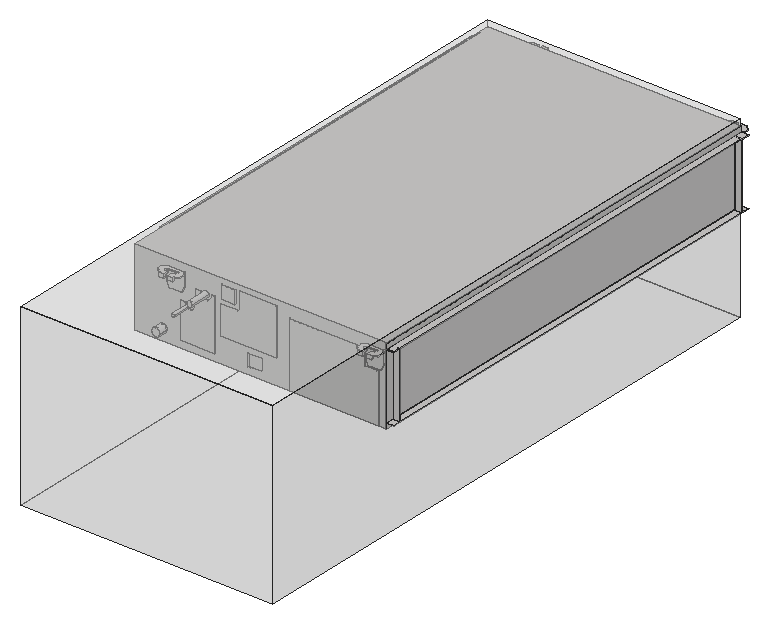
Revit family "outputfile", category 機械設備, Revit 2024
Family settings
  丸型コネクタ寸法 = 半径を使用
  パーツ タイプ = 標準
  OmniClass 番号 = 23.75.10.24.21.27.27
  OmniClass タイトル = Split System Air Conditioning Units
  作業面ベース = いいえ
  常に垂直 = はい
  ロード時にボイドで切り取り = いいえ
  注釈の向きを維持 = いいえ
  共有 = いいえ
  部屋計算ポイント = はい
Parameters (values of type "FBFC36EV2S")
  製造元 = "Daikin"
  書き出し IFC クラス(タイプ) = "IfcUnitaryEquipmentType"
  定義済み IFC タイプ(タイプ) = "AIRCONDITIONINGUNIT"
  モデル = "FBFC36EV2S"
  switch_frequency = yes
  r_Liquid Pipe Size = Liquid Pipe Size / 2  # 4.75 mm
  r_Gas Pipe Size = Gas Pipe Size / 2  # 7.95 mm
  r_Drain Pipe Size = Drain Pipe Size / 2  # 12.5 mm
  lw_power = 770.0 mm  # constant formula
  lh_SA = 138.0 mm  # constant formula
  lw_SA = if(Width = 550.0 mm, 225.0 mm, if(Width = 700.0 mm, 300.0 mm, if(Width = 1000.0 mm, 450.0 mm, if(Width = 1400.0 mm, 650.0 mm, 725.0 mm))))  # 650.0 mm
  lw_RA = if(Width = 550.0 mm, 275.0 mm, if(Width = 700.0 mm, 349.0 mm, if(Width = 1000.0 mm, 499.0 mm, if(Width = 1400.0 mm, 699.0 mm, 775.0 mm))))  # 699.0 mm
  lh_power = 60.0 mm + [h***]  # 60.0 mm
  lh_mountinghole1 = lh_mountinghole + [h***]  # 222.0 mm
  lh_RA = 123.0 mm  # constant formula
  ld_power = Width / 2  # 700.0 mm
  connector_voltage = Voltage_50Hz  # 220 V
  connector_powerinput = [Power Input (Cooling)]  # 3.420 kW
  connector_phase = Phase_50Hz  # 1
  Width = 1400.0 mm
  Voltage_comment_50Hz = "220"
  Voltage_50Hz = 220 V
  Supply Air Direction [instance] = yes
  Phase_50Hz = 1
  Minimum External Static Pressure = 50.00 Pa
  Maximum External Static Pressure = 150.00 Pa
  Material_Casing = DAIKIN_GalvanizedSteel_Casing_indoorunit
  lw_mountinghole = 630.0 mm  # constant formula
  lh_gaspipe = 183.0 mm + [h***]  # 183.0 mm
  lh_mountinghole = 222.0 mm  # constant formula
  lh_liquidpipe = 136.0 mm + [h***]  # 136.0 mm
  lh_drainpipe = 38.0 mm + [h***]  # 38.0 mm
  lh_antena = Height - lh_mountinghole + 1.0 mm  # 24.0 mm
  ld_drainpipe = Width / 2 + 26.0 mm  # 726.0 mm
  ld_liquidpipe = Width / 2 + 69.0 mm  # 769.0 mm
  ld_gaspipe = Width / 2 + 65.0 mm  # 765.0 mm
  ld_mountinghole = Width + 38.0 mm  # 1438.0 mm
  h*** = 0.0 mm  # constant formula
  lw_liquidpipe = 179.0 mm  # constant formula
  lw_gaspipe = 229.0 mm  # constant formula
  lw_drainpipe = 91.0 mm  # constant formula
  Version = "ver.1.0"
  Unit Type = "Duct"
  Unit Mass Weight = 46.00 kg
  Unit Designation [instance] = ""
  Uniclass2015Version = "Products v1.30"
  Uniclass2015Title = "Split coil room air conditioning units"
  Uniclass2015Code = "Pr_70_65_03_86"
  Total Cooling Capacity [instance] = 0.000 kW
  Sound Pressure Level_M speed (dBA) = 37.5
  Sound Pressure Level_L speed (dBA) = 35
  Sound Pressure Level_H speed (dBA) = 40
  Series = "SkyAir_Fan Coil Unit"
  Sensible Cooling Capacity [instance] = 0.000 kW
  SA Duct Size Width = 1192.0 mm
  SA Duct Size Height = 176.0 mm
  Refrigerant Type = "R32"
  RA Duct Size Width = 1352.0 mm
  RA Duct Size Height = 208.0 mm
  Power Input (Cooling) = 3.420 kW
  Option Accessory 3 [instance] = ""
  Option Accessory 2 [instance] = ""
  Option Accessory 1 [instance] = ""
  Nominal Cooling Capacity = 10.600 kW
  Minimum Airflow = 1500.00 m³/h
  Median Airflow = 1830.00 m³/h
  Maximum Airflow = 2160.00 m³/h
  Load Classification = HVAC
  Liquid Pipe Size = 9.5 mm
  Link_Nested Family [instance] = ""
  IfcVersion = ""
  IfcExportType = "AIRCONDITIONINGUNIT"
  IfcExportAs = "IfcUnitaryEquipmentType"
  Height = 245.0 mm
  Heat Exchanger Type = "Cross Fin Coil"
  Gas Pipe Size = 15.9 mm
  Frequency_50Hz = 50 Hz
  Fan Type = "Sirocco Fan"
  Fan Drive = "Direct Drive"
  FCU Tag No. [instance] = ""
  Drain Pipe Size = 25.0 mm
  Design Supply Airflow [instance] = 0.00 m³/h
  Design Return Airflow [instance] = 0.00 m³/h
  Design External Static Pressure [instance] = 0.00 Pa
  既定の高さ = 0.0 mm
  Depth = 800.0 mm
  Cooling Entering Wet Bulb Temperature [instance] = 0.00 °C
  Cooling Entering Dry Bulb Temperature [instance] = 0.00 °C
  Cooling Ambient Wet Bulb Temperature [instance] = 0.00 °C
  Cooling Ambient Dry Bulb Temperature [instance] = 0.00 °C
  Clearance visibility [instance] = yes
  Clearance Top = 20.0 mm
  Clearance Right = 0.0 mm
  Clearance Rear = 0.0 mm
  Clearance Left = 0.0 mm
  Clearance Front = 450.0 mm
  Clearance Bottom = 300.0 mm
Reference planes
  plane 1 "Center (Front/Back)": y = 0
  plane 2 "h": z = 0
  plane 3 "Center (Left/Right)": x = 0
  plane 4 "Back": y = 700
  plane 5 "Front": y = -700
  plane 6 "Left": x = -400
  plane 7 "Right": x = 400
  plane 8 "Top": z = 0
  plane 9 "Bottom": z = -245
  plane 10: y = -215
  plane 11: y = 700
  plane 12: y = -1150
  plane 13: x = -400
  plane 14: x = 400
  plane 15: z = 20
  plane 16: z = -545
  plane 17: x = -400
  plane 18: x = -399
  plane 19: x = 399
  plane 20: y = 50
  plane 21: y = -1
  plane 22: z = -122
  plane 23: y = -701
  plane 24: z = -109
  plane 25: x = -221
  plane 26: y = -765
  plane 27: z = -62
  plane 28: x = -171
  plane 29: y = -726
  plane 30: z = -207
  plane 31: x = -309
  plane 32: x = -309
  plane 33: x = -221
  plane 34: x = -171
  plane 35: x = 370
  plane 36: x = -266
  plane 37: x = 364
  plane 38: y = -719
  plane 39: y = 719
  plane 40: z = -23
  plane 41: z = -107
  plane 42: y = -769
  plane 43: z = -207
  plane 44: x = -309
  plane 45: y = -726
  plane 46: x = -251
  plane 47: x = -203
  plane 48: x = -144
  plane 49: z = -59
  plane 50: z = -106
  plane 51: z = -221
  plane 52: z = -109
  plane 53: x = -221
  plane 54: z = -62
  plane 55: x = -171
  plane 56: z = -17
  plane 57: z = -59
  plane 58: x = -121
  plane 59: x = -79
  plane 60: x = -125
  plane 61: x = -64
  plane 62: x = 53
  plane 63: z = -164
  plane 64: z = -73
  plane 65: z = -16
  plane 66: x = 93.5
  plane 67: x = 374.5
  plane 68: x = 330
  plane 69: z = -88.5
  plane 70: z = -38
  plane 71: z = -242.5
  plane 72: x = -38.5
  plane 73: x = 6.5
  plane 74: z = -181
  plane 75: z = -221
  plane 76: y = -699
  plane 77: x = -424
  plane 78: x = 424
Forms (mm)
  Extrusion 1, solid, material "DAIKIN_GalvanizedSteel_Casing_indoorunit" <- "Material_Casing"
    sketch origin (0, 0, 0) x (1, 0, 0) y (0, 1, 0)
      loop
        line (-399, 700) -> (-399, -700) -> (399, -700) -> (399, 700) -> (-399, 700)
    from -245 to 0
  Extrusion 2, solid, material "DAIKIN_GalvanizedSteel_Casing_indoorunit" <- "Material_Casing"
    sketch origin (0, 0, 0) x (1, 0, 0) y (0, 0, 1)
      loop
        line (-251, -221) -> (-144, -221) -> (-144, -59) -> (-154.47, -59)
        arc (-154.47, -59) -> (-171, -78.8) -> (-187.53, -59) r 16.8
        line (-187.53, -59) -> (-203, -59) -> (-203, -106) -> (-206.916, -106)
        arc (-206.916, -106) -> (-221, -123.4) -> (-235.084, -106) r 14.4
        line (-235.084, -106) -> (-251, -106) -> (-251, -221)
    from 700 to 701
  Extrusion 3, solid, material "DAIKIN_GalvanizedSteel_Casing_indoorunit" <- "Material_Casing"
    sketch origin (0, 0, 0) x (1, 0, 0) y (0, 0, 1)
      loop
        line (-121, -17) -> (-121, -59) -> (-79, -59) -> (-79, -17) -> (-121, -17)
      loop
        line (-125, -73) -> (-125, -164) -> (53, -164) -> (53, -16) -> (-64, -16) -> (-64, -73) -> (-125, -73)
    from 700 to 701
  Extrusion 4, solid, material "DAIKIN_GalvanizedSteel_Casing_indoorunit" <- "Material_Casing"
    sketch origin (0, 0, 0) x (1, 0, 0) y (0, 0, 1)
      loop
        line (93.5, -38) -> (93.5, -242.5) -> (374.5, -242.5) -> (374.5, -88.5) -> (330, -88.5) -> (330, -38) -> (93.5, -38)
    from 700 to 701
  Extrusion 5, solid, material "DAIKIN_GalvanizedSteel_Casing_indoorunit" <- "Material_Casing"
    sketch origin (0, 0, 0) x (1, 0, 0) y (0, 0, 1)
      loop
        circle (-221, -109) r 4.75
    from 700 to 769
  Extrusion 6, solid, material "DAIKIN_GalvanizedSteel_Casing_indoorunit" <- "Material_Casing"
    sketch origin (0, 0, 0) x (1, 0, 0) y (0, 0, 1)
      loop
        circle (-171, -62) r 7.95
    from 700 to 765
  Extrusion 7, solid, material "DAIKIN_GalvanizedSteel_Casing_indoorunit" <- "Material_Casing"
    sketch origin (0, 0, 0) x (1, 0, 0) y (0, 0, 1)
      loop
        circle (-309, -207) r 12.5
    from 701 to 726
  Extrusion 8, solid, material "DAIKIN_GalvanizedSteel_Casing_indoorunit" <- "Material_Casing"
    sketch origin (0, 0, 0) x (1, 0, 0) y (0, 0, 1)
      loop
        circle (-309, -207) r 13
    from 700 to 726
  Extrusion 9, void
    sketch origin (0, 0, 0) x (1, 0, 0) y (0, 0, 1)
      loop
        line (-38.5, -181) -> (-38.5, -221) -> (6.5, -221) -> (6.5, -181) -> (-38.5, -181)
    from 699 to 700
Cuts and joins
  Extrusion 9 cuts Extrusion 1
Dimensions and locks
  "Height": plane 8 "Top" to plane 9 "Bottom"
  equal spacing: plane 4 "Back", plane 1 "Center (Front/Back)", plane 5 "Front"
  "Width": plane 4 "Back" to plane 5 "Front"
  equal spacing: plane 6 "Left", plane 3 "Center (Left/Right)", plane 7 "Right"
  "Depth": plane 6 "Left" to plane 7 "Right"
  "Clearance Left": plane 13 to plane 6 "Left"
  "Clearance Right": plane 7 "Right" to plane 14
  "Clearance Rear": plane 11 to plane 4 "Back"
  "Clearance Front": plane 5 "Front" to plane 12
  "Clearance Top": plane 15 to plane 8 "Top"
  "Clearance Bottom": plane 9 "Bottom" to plane 16
  locked: plane 17 to plane 18 at 1
  locked: plane 19 to plane 14 at 1
  "lw_RA": plane 21 to plane 5 "Front"
  "lh_RA": plane 22 to plane 9 "Bottom"
  locked: plane 5 "Front" to plane 23 at 1
  "lw_liquidpipe": plane 25 to plane 6 "Left"
  "lh_liquidpipe": plane 24 to plane 9 "Bottom"
  "lh_gaspipe": plane 27 to plane 9 "Bottom"
  "lw_gaspipe": plane 28 to plane 6 "Left"
  "ld_gaspipe": plane 26 to plane 1 "Center (Front/Back)"
  "ld_drainpipe": plane 29 to plane 1 "Center (Front/Back)"
  "lh_drainpipe": plane 30 to plane 9 "Bottom"
  "lw_drainpipe": plane 31 to plane 6 "Left"
  "lw_drainpipe": plane 6 "Left" to plane 32
  "lw_liquidpipe": plane 6 "Left" to plane 33
  "lw_gaspipe": plane 6 "Left" to plane 34
  "lw_power": plane 6 "Left" to plane 35
  locked: plane 17 to plane 36 at 134
  "lw_mountinghole": plane 36 to plane 37
  equal spacing: plane 38, plane 1 "Center (Front/Back)", plane 39
  "ld_mountinghole": plane 39 to plane 38
  "lh_mountinghole": plane 40 to plane 9 "Bottom"
  "lh_SA": plane 41 to plane 9 "Bottom"
  locked: plane 44 to plane 6 "Left" at 91
  locked: plane 43 to plane 9 "Bottom" at 38
  locked: plane 5 "Front" to plane 45 at 26
  plane 48 to plane 47 to plane 46 to plane 6 "Left" = 59.0 mm, 48.0 mm, 149.0 mm
  plane 8 "Top" to plane 49 to plane 50 to plane 51 = 59.0 mm locked, 47.0 mm locked, 115.0 mm locked
  plane 55 to plane 53 to plane 6 "Left" = 50.0 mm locked, 179.0 mm locked
  plane 54 to plane 52 to plane 9 "Bottom" = 47.0 mm locked, 136.0 mm locked
  plane 59 to plane 58 to plane 6 "Left" = 42.0 mm locked, 279.0 mm locked
  plane 8 "Top" to plane 56 to plane 57 = 17.0 mm locked, 42.0 mm locked
  plane 62 to plane 61 to plane 60 to plane 6 "Left" = 117.0 mm, 61.0 mm, 275.0 mm
  plane 8 "Top" to plane 65 to plane 64 = 16.0 mm locked, 57.0 mm locked
  locked: plane 65 to plane 63 at 148
  plane 8 "Top" to plane 70 to plane 69 to plane 71 = 38.0 mm locked, 50.5 mm locked, 154.0 mm locked
  plane 67 to plane 68 to plane 66 to plane 6 "Left" = 44.5 mm locked, 236.5 mm locked, 493.5 mm locked
  plane 8 "Top" to plane 74 to plane 75 = 181.0 mm locked, 40.0 mm locked
  plane 73 to plane 72 to plane 6 "Left" = 45.0 mm, 361.5 mm
  locked: plane 76 to plane 5 "Front" at 1
  locked: plane 77 to plane 17 at 24
  locked: plane 14 to plane 78 at 24
  "ld_liquidpipe": plane 42 to plane 1 "Center (Front/Back)"
  "lw_SA": plane 4 "Back" to plane 20
  "r_Liquid Pipe Size": radius of Extrusion 5 sketch curve
  "r_Gas Pipe Size": radius of Extrusion 6 sketch curve
  "r_Drain Pipe Size": radius of Extrusion 7 sketch curve
  aligned and locked: level to plane 2 "h"
  aligned and locked: plane 8 "Top" to Extrusion 1
  aligned and locked: Extrusion 1 to plane 9 "Bottom"
  aligned and locked: nested 5 to plane 12
  aligned and locked: plane 13 to nested 5
  aligned and locked: plane 14 to nested 5
  aligned and locked: nested 5 to plane 13
  aligned and locked: plane 11 to nested 5
  aligned and locked: plane 15 to nested 5
  aligned and locked: plane 16 to nested 5
  aligned and locked: plane 5 "Front" to Extrusion 1 sketch curve
  aligned and locked: Extrusion 1 to plane 18
  aligned and locked: plane 19 to Extrusion 1
  aligned and locked: nested 7 to plane 18
  aligned and locked: nested 7 to plane 20
  aligned and locked: plane 19 to nested 8
  aligned and locked: plane 21 to nested 8
  aligned and locked: plane 22 to nested 8
  aligned and locked: Extrusion 2 to plane 23
  aligned and locked: plane 5 "Front" to Extrusion 2
  aligned and locked: Extrusion 3 to plane 23
  aligned and locked: plane 5 "Front" to Extrusion 3
  aligned and locked: plane 5 "Front" to Extrusion 4
  aligned and locked: Extrusion 5 sketch curve to plane 25
  aligned and locked: plane 24 to Extrusion 5 sketch curve
  aligned and locked: plane 5 "Front" to Extrusion 5
  aligned and locked: Extrusion 6 sketch curve to plane 28
  aligned and locked: plane 27 to Extrusion 6 sketch curve
  aligned and locked: plane 5 "Front" to Extrusion 6
  aligned and locked: Extrusion 7 sketch curve to plane 31
  aligned and locked: plane 30 to Extrusion 7 sketch curve
  aligned and locked: Extrusion 7 to plane 29
  aligned and locked: plane 23 to Extrusion 7
  aligned and locked: nested 3 to plane 29
  aligned and locked: nested 3 to plane 32
  aligned and locked: nested 2 to plane 33
  aligned and locked: nested 1 to plane 34
  aligned and locked: Extrusion 6 to plane 26
  aligned and locked: nested 1 to plane 26
  aligned and locked: nested 6 to plane 5 "Front"
  aligned and locked: nested 6 to plane 35
  aligned and locked: plane 36 to nested 10
  aligned and locked: nested 10 to plane 5 "Front"
  aligned and locked: plane 37 to nested 9
  aligned and locked: nested 9 to plane 5 "Front"
  aligned and locked: nested 11 to plane 36
  aligned and locked: plane 4 "Back" to nested 11
  aligned and locked: nested 12 to plane 37
  aligned and locked: plane 4 "Back" to nested 12
  aligned and locked: plane 40 to nested 10
  aligned and locked: plane 40 to nested 11
  aligned and locked: plane 40 to nested 9
  aligned and locked: plane 40 to nested 12
  aligned and locked: plane 36 to nested 14
  aligned and locked: nested 14 to plane 39
  aligned and locked: plane 37 to nested 13
  aligned and locked: nested 13 to plane 39
  aligned and locked: plane 37 to nested 16
  aligned and locked: plane 38 to nested 16
  aligned and locked: plane 38 to nested 15
  aligned and locked: plane 36 to nested 15
  aligned and locked: plane 17 to plane 6 "Left"
  aligned and locked: plane 41 to nested 7
  aligned and locked: Extrusion 5 to plane 42
  aligned and locked: nested 2 to plane 42
  aligned and locked: Extrusion 8 sketch curve to plane 44
  aligned and locked: plane 43 to Extrusion 8 sketch curve
  aligned and locked: plane 5 "Front" to Extrusion 8
  aligned and locked: plane 45 to Extrusion 8
  aligned and locked: Extrusion 3 sketch curve to plane 56
  aligned and locked: Extrusion 3 sketch curve to plane 58
  aligned and locked: plane 57 to Extrusion 3 sketch curve
  aligned and locked: plane 59 to Extrusion 3 sketch curve
  aligned and locked: Extrusion 4 to plane 23
  aligned and locked: Extrusion 9 sketch curve to plane 74
  aligned and locked: plane 75 to Extrusion 9 sketch curve
  aligned and locked: plane 73 to Extrusion 9 sketch curve
  aligned and locked: plane 5 "Front" to Extrusion 9
  aligned and locked: plane 76 to Extrusion 9
  aligned and locked: nested 17 to plane 20
  aligned and locked: nested 17 to plane 77
  aligned and locked: plane 21 to nested 18
  aligned and locked: plane 78 to nested 18
  aligned and locked: plane 41 to nested 17
  aligned and locked: nested 18 to plane 22
  aligned and locked: nested 4 to plane 3 "Center (Left/Right)"
  aligned and locked: plane 1 "Center (Front/Back)" to nested 4
  aligned and locked: level to plane 8 "Top"
Automatic sketch dimensions
  plane 6 "Left" to Extrusion 1 sketch curve = 1.0 mm
  Extrusion 1 sketch curve to plane 7 "Right" = 1.0 mm
  Extrusion 1 sketch curve to plane 4 "Back" = 0.0 mm
  Extrusion 2 sketch curve to plane 46 = 0.0 mm
  Extrusion 2 sketch curve to plane 33 = 0.0 mm
  Extrusion 2 sketch curve to plane 47 = 0.0 mm
  Extrusion 2 sketch curve to plane 34 = 0.0 mm
  Extrusion 2 sketch curve to plane 48 = 0.0 mm
  Extrusion 2 sketch curve to plane 51 = 0.0 mm
  Extrusion 2 sketch curve to plane 52 = 0.0 mm
  Extrusion 2 sketch curve to plane 50 = 0.0 mm  (x3)
  Extrusion 2 sketch curve to plane 54 = 0.0 mm
  Extrusion 2 sketch curve to plane 49 = 0.0 mm  (x3)
  plane 33 to Extrusion 2 sketch curve = 14.084 mm
  plane 34 to Extrusion 2 sketch curve = 16.53 mm
  Extrusion 3 sketch curve to plane 60 = 0.0 mm
  Extrusion 3 sketch curve to plane 61 = 0.0 mm
  Extrusion 3 sketch curve to plane 62 = 0.0 mm
  Extrusion 3 sketch curve to plane 63 = 0.0 mm
  Extrusion 3 sketch curve to plane 64 = 0.0 mm
  Extrusion 3 sketch curve to plane 65 = 0.0 mm
  Extrusion 4 sketch curve to plane 66 = 0.0 mm
  Extrusion 4 sketch curve to plane 68 = 0.0 mm
  Extrusion 4 sketch curve to plane 67 = 0.0 mm
  Extrusion 4 sketch curve to plane 71 = 0.0 mm
  Extrusion 4 sketch curve to plane 69 = 0.0 mm
  Extrusion 4 sketch curve to plane 70 = 0.0 mm
  Extrusion 9 sketch curve to plane 72 = 0.0 mm
  radius of Extrusion 8 sketch curve = 13.0 mm
Nested families
  nested 1: "daikin_connector_rotate2" at (-171, 0, -62), length <- "ld_gaspipe", built-in parameter 1001364 <- "lh_gaspipe", radius <- "r_Gas Pipe Size", type "daikin_connector_rotate2"
    with radius 7.95 mm, length 765.0 mm, angle_vertical 90.00°
  nested 2: "daikin_connector_rotate2" at (-221, 0, -109), length <- "ld_liquidpipe", built-in parameter 1001364 <- "lh_liquidpipe", radius <- "r_Liquid Pipe Size", type "daikin_connector_rotate2"
    with radius 4.75 mm, length 769.0 mm, angle_vertical 90.00°
  nested 3: "daikin_connector_rotate2" at (-309, 0, -207), length <- "ld_drainpipe", built-in parameter 1001364 <- "lh_drainpipe", radius <- "r_Drain Pipe Size", type "daikin_connector_rotate2"
    with radius 12.5 mm, length 726.0 mm, angle_vertical 90.00°
  nested 4: "daikin_△_symbolicline" at (0, 0, 245) x (0, -1, 0) z (0, 0, 1), built-in parameter 1001364 <- "Height", visible <- "Supply Air Direction", type "daikin_△_symbolicline"
    with length 200.0 mm
  nested 5: "daikin_clearancespace" at (0, -225, -262.381), visible <- "Clearance visibility", show <- "Clearance visibility", Link_Nested Family <- "Link_Nested Family", type "daikin_clearancespace"
    with width 800.0 mm, show yes, height 565.0 mm, depth 1850.0 mm, Link_Nested Family ""
  nested 6: "daikin_connector_rotate2" at (370, 0, -185), built-in parameter 1001364 <- "lh_power", length <- "ld_power", type "daikin_connector_rotate2"
    with radius 10.0 mm, length 700.0 mm, angle_vertical 90.00°
  nested 7: "daikin_ductflange_FBFC-EV2S2" at (-399, 50, -107) x (0, -1, 0) z (0, 0, 1), type "daikin_ductflange_FBFC-EV2S2"
  nested 8: "daikin_ductflange_FBFC-EV2S" at (399, -1, -122) x (0, 1, 0) z (0, 0, 1), type "daikin_ductflange_FBFC-EV2S"
    with width 1352.0 mm, lw 25.0 mm, w 1400.0 mm
  nested 9: "daikin_hangerfixture_FBFC-EV2S" at (364, -700, -23), type "daikin_hangerfixture_FBFC-EV2S"
  nested 10: "daikin_hangerfixture_FBFC-EV2S" at (-266, -700, -23), type "daikin_hangerfixture_FBFC-EV2S"
  nested 11: "daikin_hangerfixture_FBFC-EV2S" at (-266, 700, -23) x (-1, 0, 0) z (0, 0, 1), type "daikin_hangerfixture_FBFC-EV2S"
  nested 12: "daikin_hangerfixture_FBFC-EV2S" at (364, 700, -23) x (-1, 0, 0) z (0, 0, 1), type "daikin_hangerfixture_FBFC-EV2S"
  nested 13: "daikin_mountinghole" at (364, 719, -245), h_mountinghole <- "lh_mountinghole1", l_antenna <- "lh_antena", Link_Nested Family <- "Link_Nested Family", type "daikin_mountinghole"
    with show yes, l_antenna 24.0 mm, h_mountinghole 222.0 mm, Link_Nested Family ""
  nested 14: "daikin_mountinghole" at (-266, 719, -245), h_mountinghole <- "lh_mountinghole1", l_antenna <- "lh_antena", Link_Nested Family <- "Link_Nested Family", type "daikin_mountinghole"
    with show yes, l_antenna 24.0 mm, h_mountinghole 222.0 mm, Link_Nested Family ""
  nested 15: "daikin_mountinghole" at (-266, -719, -245), h_mountinghole <- "lh_mountinghole1", l_antenna <- "lh_antena", Link_Nested Family <- "Link_Nested Family", type "daikin_mountinghole"
    with show yes, l_antenna 24.0 mm, h_mountinghole 222.0 mm, Link_Nested Family ""
  nested 16: "daikin_mountinghole" at (364, -719, -245), h_mountinghole <- "lh_mountinghole1", l_antenna <- "lh_antena", Link_Nested Family <- "Link_Nested Family", type "daikin_mountinghole"
    with show yes, l_antenna 24.0 mm, h_mountinghole 222.0 mm, Link_Nested Family ""
  nested 17: "daikin_connector_rotate2" at (-400, 50, -107) x (0, -1, 0) z (0, 0, 1), type "daikin_connector_rotate2"
    with radius 10.0 mm, length 24.0 mm, angle_vertical 90.00°
  nested 18: "daikin_connector_rotate2" at (400, -1, -122) x (0, 1, 0) z (0, 0, 1), type "daikin_connector_rotate2"
    with radius 10.0 mm, length 24.0 mm, angle_vertical 90.00°
Connectors
  piping at (-309, -726, -207), diameter 25, driven by "r_Drain Pipe Size"
    settings: on nested 3, index 3, connector inside diameter 609.6 mm, connector length 0.0 mm, flow factor 0, pipe flow 0.00 m³/h, pressure drop 0.0 Pa, fitting loss kfactor 0, connector angle 0.00°, fixture units 0, engagement length 0.0 mm, angle of deflection 0.00°, flow configuration 1, flow direction 2, fitting loss method 4, system type 16, joint type 0, gender type 0, connector reference index -1, connector utility 0, adjustable connector no, is connector primary yes, connector description "Condensate Drain Piping"
  piping at (-171, -765, -62), diameter 15.9, driven by "r_Gas Pipe Size"
    settings: on nested 1, index 4, connector inside diameter 609.6 mm, connector length 0.0 mm, flow factor 0, pipe flow 0.00 m³/h, pressure drop 0.0 Pa, fitting loss kfactor 0, connector angle 0.00°, fixture units 0, engagement length 0.0 mm, angle of deflection 0.00°, flow configuration 1, flow direction 2, fitting loss method 0, system type 29, joint type 0, gender type 0, connector reference index -1, connector utility 0, adjustable connector no, is connector primary no, connector description "Refrigerant Gas Piping"
  piping at (-221, -769, -109), diameter 9.5, driven by "r_Liquid Pipe Size"
    settings: on nested 2, index 5, connector inside diameter 609.6 mm, connector length 0.0 mm, flow factor 0, pipe flow 0.00 m³/h, pressure drop 0.0 Pa, fitting loss kfactor 0, connector angle 0.00°, fixture units 0, engagement length 0.0 mm, angle of deflection 0.00°, flow configuration 1, flow direction 1, fitting loss method 0, system type 29, joint type 0, gender type 0, connector reference index -1, connector utility 0, adjustable connector no, is connector primary no, connector description "Refrigerant Liquid Piping"
  electrical at (370, -700, -185), driven by "Load Classification", driven by "connector_powerinput", driven by "connector_voltage", driven by "connector_phase"
    settings: on nested 6, index 6, voltage 220 V, apparent load 3420 VA, apparent load phase1 0 VA, apparent load phase2 0 VA, apparent load phase3 0 VA, power factor 1, load classification "HVAC", number of poles 1, system type 30, power factor state 1, is connector primary yes, connector utility no, sub classification motor no, connector description "Power Supply"
  hvac at (-424, 50, -107), driven by "SA Duct Size Height", driven by "SA Duct Size Width"
    settings: on nested 17, index 7, duct flow 0.00 m³/h, flow factor 0, pres drop 0.00 Pa, loss coef 0, conn angle 0.00°, conn width 1192.0 mm, conn height 176.0 mm, conn diameter 609.6 mm, duct sys type 1, conn prof type 1, flow config 0, flow direction 2, loss method 4, conn ref index -1, conn util no, is conn primary yes, conn desc "SA Duct"
  hvac at (424, -1, -122), driven by "RA Duct Size Height", driven by "RA Duct Size Width"
    settings: on nested 18, index 8, duct flow 0.00 m³/h, flow factor 0, pres drop 0.00 Pa, loss coef 0, conn angle 0.00°, conn width 1352.0 mm, conn height 208.0 mm, conn diameter 609.6 mm, duct sys type 2, conn prof type 1, flow config 0, flow direction 1, loss method 4, conn ref index -1, conn util no, is conn primary no, conn desc "RA Duct"
Definition of nested family "daikin_clearancespace"
  Parameters (values of type "daikin_clearancespace")
    Description = "daikin_clearancespace"
    width [instance] = 1823.963 mm
    show [instance] = yes
    material = none
    height [instance] = 1359.762 mm
    depth [instance] = 880.0 mm
    Default Elevation = 0.0 mm
    Link_Nested Family [instance] = ""
  Reference planes
    plane 1 "Center (Front/Back)": y = 0
    plane 2 "Center (Elevation)": z = -0.119
    plane 3 "Center (Left/Right)": x = 0
    plane 4: y = 440
    plane 5: y = -440
    plane 6 "Right": x = 911.982
    plane 7 "Left": x = -911.982
    plane 8 "Top": z = 679.762
    plane 9 "Bottom": z = -680
  Forms (mm)
    Extrusion 1, solid, material <- "material", visible <- "show"
      sketch origin (0, 0, 0) x (1, 0, 0) y (0, 1, 0)
        loop
          line (-911.982, 440) -> (-911.982, -440) -> (911.982, -440) -> (911.982, 440) -> (-911.982, 440)
      from -680 to 679.762
  Lines and regions (mm)
    symbolic lines, visible <- "show"
      curve 1: line (911.982, 440, 0) -> (-911.982, 440, 0)
      curve 2: line (-911.982, 440, 0) -> (-911.982, -440, 0)
      curve 3: line (-911.982, -440, 0) -> (911.982, -440, 0)
      curve 4: line (911.982, -440, 0) -> (911.982, 440, 0)
      curve 5: line (911.982, 0, 679.762) -> (-911.982, 0, 679.762)
      curve 6: line (911.982, 0, -680) -> (911.982, 0, 679.762)
      curve 7: line (-911.982, 0, -680) -> (911.982, 0, -680)
      curve 8: line (-911.982, 0, 679.762) -> (-911.982, 0, -680)
      curve 9: line (0, 440, 679.762) -> (0, -440, 679.762)
      curve 10: line (0, -440, 679.762) -> (0, -440, -680)
      curve 11: line (0, 440, -680) -> (0, 440, 679.762)
      curve 12: line (0, -440, -680) -> (0, 440, -680)
  Dimensions and locks
    "width": plane 7 "Left" to plane 6 "Right"
    "depth": plane 4 to plane 5
    "height": plane 8 "Top" to plane 9 "Bottom"
    equal spacing: plane 7 "Left", plane 3 "Center (Left/Right)", plane 6 "Right"
    equal spacing: plane 4, plane 1 "Center (Front/Back)", plane 5
    equal spacing: plane 8 "Top", plane 2 "Center (Elevation)", plane 9 "Bottom"
    aligned and locked: level to plane 2 "Center (Elevation)"
    aligned and locked: Extrusion 1 sketch curve to plane 4
    aligned and locked: plane 7 "Left" to Extrusion 1 sketch curve
    aligned and locked: Extrusion 1 sketch curve to plane 5
    aligned and locked: Extrusion 1 sketch curve to plane 6 "Right"
    aligned and locked: plane 8 "Top" to Extrusion 1
    aligned and locked: curve 1 to Extrusion 1
    aligned and locked: curve 2 to Extrusion 1
    aligned and locked: curve 3 to Extrusion 1
    aligned and locked: curve 4 to Extrusion 1
    aligned and locked: curve 5 to Extrusion 1
    aligned and locked: curve 6 to Extrusion 1
    aligned and locked: curve 7 to Extrusion 1
    aligned and locked: curve 8 to Extrusion 1
    aligned and locked: curve 9 to Extrusion 1
    aligned and locked: curve 10 to Extrusion 1
    aligned and locked: curve 11 to Extrusion 1
    aligned and locked: curve 12 to Extrusion 1
    aligned and locked: Extrusion 1 to plane 9 "Bottom"
Definition of nested family "daikin_ductflange_FBFC-EV2S2"
  Parameters (values of type "daikin_ductflange_FBFC-DVMG2")
    width = if(w = 550.0 mm, 337.0 mm, if(w = 700.0 mm, 492.0 mm, if(w = 1000.0 mm, 792.0 mm, if(w = 1400.0 mm, 1192.0 mm, 1337.0 mm))))  # 1192.0 mm
    material = none
    height = 215.0 mm
    depth = 1.0 mm
    w = 1400.0 mm
    Default Elevation = 0.0 mm
  Reference planes
    plane 1 "Center (Front/Back)": y = 0
    plane 2: z = 0
    plane 3 "Center (Left/Right)": x = 0
    plane 4: z = 88
    plane 5: z = -88
    plane 6: y = -25
    plane 7: z = 106
    plane 8: z = 89
    plane 9: y = -1
    plane 10: x = -617.5
    plane 11: x = 617.5
    plane 12: z = -106
    plane 13: z = -89
    plane 14: y = -1
    plane 15: x = 596
    plane 16: x = -596
    plane 17: x = 597
    plane 18: z = 87
    plane 19: z = -87
    plane 20: x = -597
    plane 21: z = 87
    plane 22: z = -87
    plane 23: y = -1
  Forms (mm)
    Extrusion 1, solid, material <- "material"
      sketch origin (0, 0, 0) x (0, 1, 0) y (0, 0, 1)
        loop
          line (-25, 88) -> (0, 88) -> (0, 106) -> (-1, 106) -> (-1, 89) -> (-25, 89) -> (-25, 88)
      from -617.5 to 617.5
    Extrusion 2, solid, material <- "material"
      sketch origin (0, 0, 0) x (0, 1, 0) y (0, 0, 1)
        loop
          line (-25, -88) -> (-25, -89) -> (-1, -89) -> (-1, -106) -> (0, -106) -> (0, -88) -> (-25, -88)
      from -617.5 to 617.5
    Extrusion 3, solid, material <- "material"
      sketch origin (0, 0, 0) x (1, 0, 0) y (0, 0, 1)
        loop
          line (596, 88) -> (596, -88) -> (617.5, -88) -> (617.5, -87) -> (597, -87) -> (597, 87) -> (617.5, 87) -> (617.5, 88) -> (596, 88)
      from 0 to 25
    Extrusion 4, solid, material <- "material"
      sketch origin (0, 0, 0) x (1, 0, 0) y (0, 0, 1)
        loop
          line (-617.5, 88) -> (-617.5, 87) -> (-597, 87) -> (-597, -87) -> (-617.5, -87) -> (-617.5, -88) -> (-596, -88) -> (-596, 88) -> (-617.5, 88)
      from 0 to 25
    Extrusion 5, solid, material <- "material"
      sketch origin (0, 0, 0) x (1, 0, 0) y (0, 0, 1)
        loop
          line (-617.5, 88) -> (-617.5, -88) -> (-596, -88) -> (-596, 88) -> (-617.5, 88)
        loop
          line (617.5, 88) -> (596, 88) -> (596, -88) -> (617.5, -88) -> (617.5, 88)
      from 0 to 1
  Cuts and joins
    joined: Extrusion 1, Extrusion 2, Extrusion 3, Extrusion 4, Extrusion 5
  Dimensions and locks
    plane 4 to level to plane 5 = 88.0 mm, 88.0 mm
    locked: plane 6 to plane 1 "Center (Front/Back)" at 25
    locked: plane 9 to plane 1 "Center (Front/Back)" at 1
    locked: plane 8 to plane 4 at 1
    locked: plane 16 to plane 10 at 21.5
    locked: plane 17 to plane 15 at 1
    locked: plane 4 to plane 18 at 1
    locked: plane 19 to plane 5 at 1
    "width": plane 15 to plane 16
    plane 4 to plane 5 = 176.0 mm
    locked: plane 16 to plane 20 at 1
    locked: plane 4 to plane 21 at 1
    locked: plane 22 to plane 5 at 1
    locked: plane 23 to plane 1 "Center (Front/Back)" at 1
    plane 4 to level to plane 5 = 88.0 mm locked, 88.0 mm locked
    locked: plane 5 to plane 13 at 1
    locked: plane 5 to plane 12 at 18
    locked: plane 7 to plane 4 at 18
    equal spacing: plane 15, plane 3 "Center (Left/Right)", plane 16
    locked: plane 11 to plane 15 at 21.5
    plane 11 to plane 10 = 1235.0 mm
    aligned and locked: level to plane 2
    aligned and locked: Extrusion 1 to plane 10
    aligned and locked: plane 11 to Extrusion 1
    aligned and locked: plane 5 to Extrusion 2
    aligned and locked: Extrusion 2 to plane 1 "Center (Front/Back)"
    aligned and locked: plane 15 to Extrusion 3 sketch curve
    aligned and locked: Extrusion 3 sketch curve to Extrusion 2  (x2)
    aligned and locked: Extrusion 3 sketch curve to plane 11
    aligned and locked: plane 6 to Extrusion 3
    aligned and locked: Extrusion 2 to plane 10
    aligned and locked: plane 11 to Extrusion 2
    aligned and locked: Extrusion 4 sketch curve to Extrusion 1  (x2)
    aligned and locked: plane 5 to Extrusion 4 sketch curve
    aligned and locked: Extrusion 4 sketch curve to plane 16
    aligned and locked: Extrusion 4 sketch curve to plane 22
    aligned and locked: plane 20 to Extrusion 4 sketch curve
    aligned and locked: plane 21 to Extrusion 4 sketch curve
    aligned and locked: Extrusion 4 to plane 1 "Center (Front/Back)"
    aligned and locked: plane 6 to Extrusion 4
    aligned and locked: Extrusion 5 sketch curve to Extrusion 1  (x4)
    aligned and locked: Extrusion 5 sketch curve to Extrusion 4  (x2)
    aligned and locked: Extrusion 5 sketch curve to Extrusion 3  (x2)
    aligned and locked: Extrusion 5 to plane 1 "Center (Front/Back)"
    aligned and locked: plane 23 to Extrusion 5
  Automatic sketch dimensions
    Extrusion 1 sketch curve to plane 6 = 0.0 mm
    Extrusion 1 sketch curve to plane 7 = 0.0 mm
    Extrusion 1 sketch curve to plane 9 = 0.0 mm
    Extrusion 1 sketch curve to plane 1 "Center (Front/Back)" = 0.0 mm
    Extrusion 1 sketch curve to plane 4 = 0.0 mm
    Extrusion 1 sketch curve to plane 8 = 0.0 mm
    Extrusion 2 sketch curve to plane 6 = 0.0 mm
    plane 12 to Extrusion 2 sketch curve = 0.0 mm
    Extrusion 2 sketch curve to plane 14 = 0.0 mm
    Extrusion 2 sketch curve to plane 1 "Center (Front/Back)" = 0.0 mm
    plane 13 to Extrusion 2 sketch curve = 0.0 mm
    Extrusion 2 sketch curve to plane 5 = 0.0 mm
    Extrusion 3 sketch curve to plane 17 = 0.0 mm
    Extrusion 3 sketch curve to plane 19 = 0.0 mm
    Extrusion 3 sketch curve to plane 18 = 0.0 mm
    Extrusion 3 sketch curve to plane 4 = 0.0 mm
    Extrusion 4 sketch curve to plane 10 = 0.0 mm
Definition of nested family "daikin_ductflange_FBFC-EV2S"
  Parameters (values of type "daikin_ductflange_FBFC-DVMG")
    width = if(w = 550.0 mm, 502.0 mm, if(w = 700.0 mm, 654.0 mm, if(w = 1000.0 mm, 952.0 mm, if(w = 1400.0 mm, 1352.0 mm, 1502.0 mm))))  # 654.0 mm
    material = none
    lw = if(width = 654.0 mm, 23.0 mm, 25.0 mm)  # 23.0 mm
    height = 208.0 mm
    depth = 1.0 mm
    w = 700.0 mm
    Default Elevation = 0.0 mm
  Reference planes
    plane 1 "Center (Front/Back)": y = 0
    plane 2: z = 0
    plane 3 "Center (Left/Right)": x = 0
    plane 4: z = 104
    plane 5: z = -104
    plane 6: y = -25
    plane 7: z = 121
    plane 8: z = 105
    plane 9: y = -1
    plane 10: x = -350
    plane 11: x = 350
    plane 12: z = -122
    plane 13: z = -105
    plane 14: y = -1
    plane 15: x = 327
    plane 16: x = -327
    plane 17: x = 328
    plane 18: z = 103
    plane 19: z = -103
    plane 20: x = -328
    plane 21: z = 103
    plane 22: z = -103
    plane 23: y = -1
  Forms (mm)
    Extrusion 1, solid, material <- "material"
      sketch origin (0, 0, 0) x (0, 1, 0) y (0, 0, 1)
        loop
          line (-25, 104) -> (0, 104) -> (0, 121) -> (-1, 121) -> (-1, 105) -> (-25, 105) -> (-25, 104)
      from -350 to 350
    Extrusion 2, solid, material <- "material"
      sketch origin (0, 0, 0) x (0, 1, 0) y (0, 0, 1)
        loop
          line (-25, -104) -> (-25, -105) -> (-1, -105) -> (-1, -122) -> (0, -122) -> (0, -104) -> (-25, -104)
      from -350 to 350
    Extrusion 3, solid, material <- "material"
      sketch origin (0, 0, 0) x (1, 0, 0) y (0, 0, 1)
        loop
          line (327, 104) -> (327, -104) -> (350, -104) -> (350, -103) -> (328, -103) -> (328, 103) -> (350, 103) -> (350, 104) -> (327, 104)
      from 0 to 25
    Extrusion 4, solid, material <- "material"
      sketch origin (0, 0, 0) x (1, 0, 0) y (0, 0, 1)
        loop
          line (-350, 104) -> (-350, 103) -> (-328, 103) -> (-328, -103) -> (-350, -103) -> (-350, -104) -> (-327, -104) -> (-327, 104) -> (-350, 104)
      from 0 to 25
    Extrusion 5, solid, material <- "material"
      sketch origin (0, 0, 0) x (1, 0, 0) y (0, 0, 1)
        loop
          line (-350, 104) -> (-350, -104) -> (-327, -104) -> (-327, 104) -> (-350, 104)
        loop
          line (350, 104) -> (327, 104) -> (327, -104) -> (350, -104) -> (350, 104)
      from 0 to 1
  Cuts and joins
    joined: Extrusion 1, Extrusion 2, Extrusion 3, Extrusion 4, Extrusion 5
  Dimensions and locks
    plane 4 to level to plane 5 = 104.0 mm, 104.0 mm
    locked: plane 6 to plane 1 "Center (Front/Back)" at 25
    locked: plane 9 to plane 1 "Center (Front/Back)" at 1
    locked: plane 8 to plane 4 at 1
    "lw": plane 11 to plane 15
    "lw": plane 16 to plane 10
    locked: plane 17 to plane 15 at 1
    locked: plane 4 to plane 18 at 1
    locked: plane 19 to plane 5 at 1
    "width": plane 15 to plane 16
    equal spacing: plane 15, plane 3 "Center (Left/Right)", plane 16
    locked: plane 16 to plane 20 at 1
    locked: plane 4 to plane 21 at 1
    locked: plane 22 to plane 5 at 1
    locked: plane 23 to plane 1 "Center (Front/Back)" at 1
    locked: plane 7 to plane 4 at 17
    locked: plane 1 "Center (Front/Back)" to plane 14 at 1
    locked: plane 5 to plane 13 at 1
    "height": plane 4 to plane 5
    plane 11 to plane 10 = 700.0 mm
    locked: plane 12 to plane 13 at 17
    equal spacing: plane 4, level, plane 5
    aligned and locked: level to plane 2
    aligned and locked: Extrusion 1 to plane 10
    aligned and locked: plane 11 to Extrusion 1
    aligned and locked: plane 5 to Extrusion 2
    aligned and locked: Extrusion 2 to plane 1 "Center (Front/Back)"
    aligned and locked: plane 15 to Extrusion 3 sketch curve
    aligned and locked: Extrusion 3 sketch curve to Extrusion 2  (x2)
    aligned and locked: Extrusion 3 sketch curve to plane 11
    aligned and locked: plane 6 to Extrusion 3
    aligned and locked: Extrusion 2 to plane 10
    aligned and locked: plane 11 to Extrusion 2
    aligned and locked: Extrusion 4 sketch curve to Extrusion 1  (x2)
    aligned and locked: plane 5 to Extrusion 4 sketch curve
    aligned and locked: Extrusion 4 sketch curve to plane 16
    aligned and locked: Extrusion 4 sketch curve to plane 22
    aligned and locked: plane 20 to Extrusion 4 sketch curve
    aligned and locked: plane 21 to Extrusion 4 sketch curve
    aligned and locked: Extrusion 4 to plane 1 "Center (Front/Back)"
    aligned and locked: plane 6 to Extrusion 4
    aligned and locked: Extrusion 5 sketch curve to Extrusion 1  (x4)
    aligned and locked: Extrusion 5 sketch curve to Extrusion 4  (x2)
    aligned and locked: Extrusion 5 sketch curve to Extrusion 3  (x2)
    aligned and locked: Extrusion 5 to plane 1 "Center (Front/Back)"
    aligned and locked: plane 23 to Extrusion 5
  Automatic sketch dimensions
    Extrusion 1 sketch curve to plane 6 = 0.0 mm
    Extrusion 1 sketch curve to plane 7 = 0.0 mm
    Extrusion 1 sketch curve to plane 9 = 0.0 mm
    Extrusion 1 sketch curve to plane 1 "Center (Front/Back)" = 0.0 mm
    Extrusion 1 sketch curve to plane 4 = 0.0 mm
    Extrusion 1 sketch curve to plane 8 = 0.0 mm
    Extrusion 2 sketch curve to plane 6 = 0.0 mm
    plane 12 to Extrusion 2 sketch curve = 0.0 mm
    Extrusion 2 sketch curve to plane 14 = 0.0 mm
    Extrusion 2 sketch curve to plane 1 "Center (Front/Back)" = 0.0 mm
    plane 13 to Extrusion 2 sketch curve = 0.0 mm
    Extrusion 2 sketch curve to plane 5 = 0.0 mm
    Extrusion 3 sketch curve to plane 17 = 0.0 mm
    Extrusion 3 sketch curve to plane 19 = 0.0 mm
    Extrusion 3 sketch curve to plane 18 = 0.0 mm
    Extrusion 3 sketch curve to plane 4 = 0.0 mm
    Extrusion 4 sketch curve to plane 10 = 0.0 mm
Definition of nested family "daikin_hangerfixture_FBFC-EV2S"
  Parameters (values of type "daikin_hangerfixture_FXMQ-PAVE")
    width = 72.0 mm
    material = none
    height = 60.0 mm
    depth = 41.0 mm
    Default Elevation = 0.0 mm
  Reference planes
    plane 1 "Center (Front/Back)": y = 0
    plane 2: z = 0
    plane 3 "Center (Left/Right)": x = 0
    plane 4: y = 417.146
    plane 5: y = -41
    plane 6: x = -36
    plane 7: x = 36
    plane 8: z = -2.3
    plane 9: z = -60
    plane 10: y = -2.3
    plane 11: z = -12
    plane 12: y = -38.7
  Forms (mm)
    Extrusion 1, solid, material <- "material"
      sketch origin (0, 0, 0) x (1, 0, 0) y (0, 1, 0)
        loop
          line (-28, 0) -> (-28, -5)
          arc (-28, -5) -> (-29.127, -8.162) -> (-32, -9.899) r 5
          arc (-32, -9.899) -> (-34.873, -11.636) -> (-36, -14.798) r 5
          line (-36, -14.798) -> (-36, -27.178)
          arc (-36, -27.178) -> (-35.429, -29.499) -> (-33.846, -31.289) r 5
          line (-33.846, -31.289) -> (-23, -38.798) -> (-23, -41.098) -> (-6.5, -41.098) -> (-6.5, -28.498)
          arc (-6.5, -28.498) -> (-7.379, -26.377) -> (-9.5, -25.498) r 3
          line (-9.5, -25.498) -> (-13.5, -25.498)
          arc (-13.5, -25.498) -> (-20, -18.998) -> (-13.5, -12.498) r 6.5
          line (-13.5, -12.498) -> (13.5, -12.498)
          arc (13.5, -12.498) -> (20, -18.998) -> (13.5, -25.498) r 6.5
          line (13.5, -25.498) -> (9.5, -25.498)
          arc (9.5, -25.498) -> (7.379, -26.377) -> (6.5, -28.498) r 3
          line (6.5, -28.498) -> (6.5, -41.098) -> (23, -41.098) -> (23, -38.798) -> (33.846, -31.289)
          arc (33.846, -31.289) -> (35.429, -29.499) -> (36, -27.178) r 5
          line (36, -27.178) -> (36, -14.596)
          arc (36, -14.596) -> (34.873, -11.434) -> (32, -9.697) r 5
          arc (32, -9.697) -> (29.127, -7.96) -> (28, -4.798) r 5
          line (28, -4.798) -> (28, 0) -> (-28, 0)
      from 0 to -2.3
    Extrusion 2, solid, material <- "material"
      sketch origin (0, 0, 0) x (1, 0, 0) y (0, 0, 1)
        loop
          line (28, -39.037) -> (28, 0) -> (-28, 0) -> (-28, -39.037)
          arc (-28, -39.037) -> (-27.91, -39.983) -> (-27.642, -40.894) r 5
          line (-27.642, -40.894) -> (-21.257, -56.857)
          arc (-21.257, -56.857) -> (-19.418, -59.14) -> (-16.615, -60) r 5
          line (-16.615, -60) -> (16.615, -60)
          arc (16.615, -60) -> (19.418, -59.14) -> (21.257, -56.857) r 5
          line (21.257, -56.857) -> (27.642, -40.894)
          arc (27.642, -40.894) -> (27.91, -39.983) -> (28, -39.037) r 5
      from 0 to 2.3
    Extrusion 3, solid, material <- "material"
      sketch origin (0, 0, 0) x (1, 0, 0) y (0, 0, 1)
        loop
          line (-23, 0) -> (-23, -9)
          arc (-23, -9) -> (-22.121, -11.121) -> (-20, -12) r 3
          line (-20, -12) -> (-9.5, -12)
          arc (-9.5, -12) -> (-7.379, -11.121) -> (-6.5, -9) r 3
          line (-6.5, -9) -> (-6.5, 0) -> (-23, 0)
        loop
          line (23, 0) -> (6.5, 0) -> (6.5, -9)
          arc (6.5, -9) -> (7.379, -11.121) -> (9.5, -12) r 3
          line (9.5, -12) -> (20, -12)
          arc (20, -12) -> (22.121, -11.121) -> (23, -9) r 3
          line (23, -9) -> (23, 0)
      from 38.8 to 41.098
  Cuts and joins
    joined: Extrusion 1, Extrusion 2, Extrusion 3
  Dimensions and locks
    plane 2 to plane 8 = 2.3 mm
    "height": plane 2 to plane 9
    locked: plane 10 to plane 1 "Center (Front/Back)" at 2.3
    locked: plane 2 to plane 11 at 12
    locked: plane 12 to plane 5 at 2.3
    aligned and locked: level to plane 2
    aligned and locked: Extrusion 1 to plane 8
    aligned and locked: plane 2 to Extrusion 1
    aligned and locked: plane 2 to Extrusion 2 sketch curve
    aligned and locked: Extrusion 2 to plane 10
    aligned and locked: Extrusion 2 to plane 1 "Center (Front/Back)"
    aligned and locked: Extrusion 3 sketch curve to cut or joined group of Extrusion 1, Extrusion 2, Extrusion 3  (x3)
    aligned and locked: cut or joined group of Extrusion 1, Extrusion 2, Extrusion 3 to Extrusion 3
  Automatic sketch dimensions
    Extrusion 2 sketch curve to plane 7 = 8.0 mm
    Extrusion 2 sketch curve to plane 8 = 36.737 mm
    plane 6 to Extrusion 2 sketch curve = 19.385 mm
    Extrusion 1 sketch curve to plane 6 = 0.0 mm
    plane 1 "Center (Front/Back)" to Extrusion 1 sketch curve = 0.0 mm
    Extrusion 1 sketch curve to plane 7 = 0.0 mm
    plane 6 to Extrusion 1 sketch curve = 2.154 mm
    plane 6 to Extrusion 1 sketch curve = 3.0 mm
    Extrusion 1 sketch curve to Extrusion 1 sketch curve = 5.0 mm  (x3)
    Extrusion 1 sketch curve to plane 12 = 0.098 mm  (x2)
    Extrusion 1 sketch curve to Extrusion 1 sketch curve = 4.0 mm  (x2)
    Extrusion 1 sketch curve to plane 5 = 0.098 mm  (x2)
    Extrusion 1 sketch curve to plane 3 "Center (Left/Right)" = 6.5 mm
    plane 3 "Center (Left/Right)" to Extrusion 1 sketch curve = 6.5 mm
    Extrusion 1 sketch curve to Extrusion 1 sketch curve = 3.0 mm
    Extrusion 1 sketch curve to plane 7 = 8.0 mm
    Extrusion 1 sketch curve to plane 7 = 5.0 mm
    Extrusion 1 sketch curve to plane 7 = 3.0 mm
    Extrusion 1 sketch curve to plane 7 = 2.154 mm
    plane 12 to Extrusion 1 sketch curve = 7.411 mm  (x2)
    plane 12 to Extrusion 1 sketch curve = 10.202 mm  (x2)
    Extrusion 1 sketch curve to Extrusion 1 sketch curve = 6.5 mm  (x2)
    Extrusion 1 sketch curve to Extrusion 1 sketch curve = 12.38 mm
    Extrusion 1 sketch curve to plane 10 = 12.296 mm
    Extrusion 1 sketch curve to plane 10 = 2.7 mm
    Extrusion 1 sketch curve to plane 10 = 2.498 mm
    plane 6 to Extrusion 1 sketch curve = 4.0 mm
    Extrusion 1 sketch curve to Extrusion 1 sketch curve = 0.0 mm  (x2)
    Extrusion 1 sketch curve to plane 7 = 4.0 mm
    Extrusion 1 sketch curve to Extrusion 1 sketch curve = 4.111 mm
    Extrusion 3 sketch curve to level = 0.0 mm  (x2)
    Extrusion 3 sketch curve to plane 11 = 0.0 mm  (x2)
    plane 11 to Extrusion 3 sketch curve = 3.0 mm  (x2)
    plane 3 "Center (Left/Right)" to Extrusion 3 sketch curve = 6.5 mm
    Extrusion 3 sketch curve to Extrusion 3 sketch curve = 3.0 mm  (x2)
    Extrusion 2 sketch curve to plane 9 = 0.0 mm
    Extrusion 2 sketch curve to Extrusion 2 sketch curve = 11.385 mm
    plane 6 to Extrusion 2 sketch curve = 8.0 mm
    plane 9 to Extrusion 2 sketch curve = 20.963 mm
    Extrusion 2 sketch curve to Extrusion 2 sketch curve = 5.0 mm  (x2)
    plane 9 to Extrusion 2 sketch curve = 3.143 mm  (x3)
    Extrusion 2 sketch curve to Extrusion 2 sketch curve = 4.642 mm  (x2)
    Extrusion 2 sketch curve to Extrusion 2 sketch curve = 0.0 mm  (x2)
    Extrusion 2 sketch curve to Extrusion 2 sketch curve = 0.358 mm
    Extrusion 2 sketch curve to Extrusion 2 sketch curve = 1.857 mm  (x2)
Definition of nested family "daikin_connector_rotate2"
  Parameters (values of type "daikin_connector_rotate2")
    Default Elevation = 1219.2 mm
    show_face = no
    radius [instance] = 10.0 mm
    length [instance] = 600.0 mm
    d_surface = 10.0 mm
    angle_vertical [instance] = 90.00°
  Reference planes
    plane 1 "Center (Front/Back)": y = 0
    plane 2: z = 0
    plane 3 "Center (Left/Right)": x = 0
  Forms (mm)
    Extrusion 1, solid, visible <- "show_face"
      sketch origin (0, -600, 0) x (1, 0, 0) y (0, 0, 1)
        loop
          circle (0, 0) r 10
      from 0 to -10
  Lines and regions (mm)
    reference lines
      curve 1: line (0, 0, 0) -> (0, -600, 0)
    symbolic lines
      curve 2: circle (0, 0, 0) r 5 normal (0, 0, 1)
    model lines, visible <- "show_face"
      curve 3: line (0, 0, 0) -> (0, -600, 0)
  Dimensions and locks
    "length": curve 1 to curve 1
    "length": curve 3 to curve 3
    "d_surface": Extrusion 1 to Extrusion 1
    "radius": radius of Extrusion 1 sketch curve
    "angle_vertical": angle curve 1 to plane 1 "Center (Front/Back)"
    "angle_vertical": angle curve 3 to plane 1 "Center (Front/Back)"
    aligned and locked: level to plane 2
    aligned and locked: plane 1 "Center (Front/Back)" to curve 1
    aligned and locked: plane 2 to curve 1
    aligned and locked: plane 1 "Center (Front/Back)" to curve 2
    aligned and locked: plane 3 "Center (Left/Right)" to curve 2
    aligned and locked: plane 1 "Center (Front/Back)" to curve 3
    aligned and locked: plane 2 to curve 3
    aligned and locked: Extrusion 1 to Extrusion 1
  Automatic sketch dimensions
    Extrusion 1 sketch curve to level = 0.0 mm
    Extrusion 1 sketch curve to plane 3 "Center (Left/Right)" = 0.0 mm
    radius of curve 2 = 5.0 mm
Definition of nested family "daikin_△_symbolicline"
  Parameters (values of type "daikin_△_symbolicline")
    length [instance] = 200.0 mm
    Default Elevation = 0.0 mm
  Reference planes
    plane 1 "Center (Front/Back)": y = 0
    plane 2: z = 0
    plane 3 "Center (Left/Right)": x = 0
  Lines and regions (mm)
    symbolic lines
      curve 1: line (0, -173.205, 0) -> (100, 0, 0)
      curve 2: line (100, 0, 0) -> (-100, 0, 0)
      curve 3: line (-100, 0, 0) -> (0, -173.205, 0)
  Dimensions and locks
    equal spacing: curve 3, plane 3 "Center (Left/Right)", curve 2
    "length": curve 3 to curve 2
    "length": curve 3 to curve 3
    "length": curve 1 to curve 1
    aligned and locked: level to plane 2
    aligned and locked: curve 2 to plane 1 "Center (Front/Back)"
    aligned and locked: plane 3 "Center (Left/Right)" to curve 3
Definition of nested family "daikin_mountinghole"
  Parameters (values of type "daikin_mountinghole")
    Default Elevation = 1219.2 mm
    Type Comments = "mountinghole"
    show [instance] = yes
    material = none
    l_centerline = 100.0 mm
    l_antenna [instance] = 100.0 mm
    h_mountinghole [instance] = 0.0 mm
    d_circle = 30.0 mm
    Link_Nested Family [instance] = ""
  Reference planes
    plane 1 "Center (Front/Back)": y = 0
    plane 2: z = 0
    plane 3 "Center (Left/Right)": x = 0
    plane 4: y = 50
    plane 5: x = -50
    plane 6: x = 50
    plane 7: y = -50
    plane 8 "h_mountinghole": z = 0
    plane 9: z = 100
  Lines and regions (mm)
    model lines, detail levels fine
      curve 1: circle (0, 0, 0) r 15 normal (0, 0, 1)
      curve 2: line (-50, 0, 0) -> (50, 0, 0)
      curve 3: line (0, 50, 0) -> (0, -50, 0)
    symbolic lines, detail levels fine
      curve 4: circle (0, 0, 0) r 15 normal (0, 0, 1)
      curve 5: line (-50, 0, 0) -> (50, 0, 0)
      curve 6: line (0, 50, 0) -> (0, -50, 0)
    model lines
      curve 7: line (0, 0, 100) -> (0, 0, 0)
  Dimensions and locks
    equal spacing: plane 4, plane 1 "Center (Front/Back)", plane 7
    "l_centerline": plane 4 to plane 7
    equal spacing: plane 5, plane 3 "Center (Left/Right)", plane 6
    "l_centerline": plane 5 to plane 6
    "l_antenna": plane 9 to plane 8 "h_mountinghole"
    "h_mountinghole": plane 8 "h_mountinghole" to plane 2
    "d_circle": diameter of curve 1
    "d_circle": diameter of curve 4
    aligned and locked: level to plane 2
    aligned and locked: plane 1 "Center (Front/Back)" to curve 1
    aligned and locked: plane 3 "Center (Left/Right)" to curve 1
    aligned and locked: plane 1 "Center (Front/Back)" to curve 2
    aligned and locked: curve 3 to plane 3 "Center (Left/Right)"
    aligned and locked: plane 6 to curve 2
    aligned and locked: plane 5 to curve 2
    aligned and locked: plane 4 to curve 3
    aligned and locked: plane 7 to curve 3
    aligned and locked: plane 1 "Center (Front/Back)" to curve 4
    aligned and locked: plane 3 "Center (Left/Right)" to curve 4
    aligned and locked: plane 6 to curve 5
    aligned and locked: plane 5 to curve 5
    aligned and locked: plane 1 "Center (Front/Back)" to curve 5
    aligned and locked: plane 4 to curve 6
    aligned and locked: plane 7 to curve 6
    aligned and locked: curve 6 to plane 3 "Center (Left/Right)"
    aligned and locked: curve 7 to plane 3 "Center (Left/Right)"
    aligned and locked: plane 9 to curve 7
    aligned and locked: plane 8 "h_mountinghole" to curve 7
